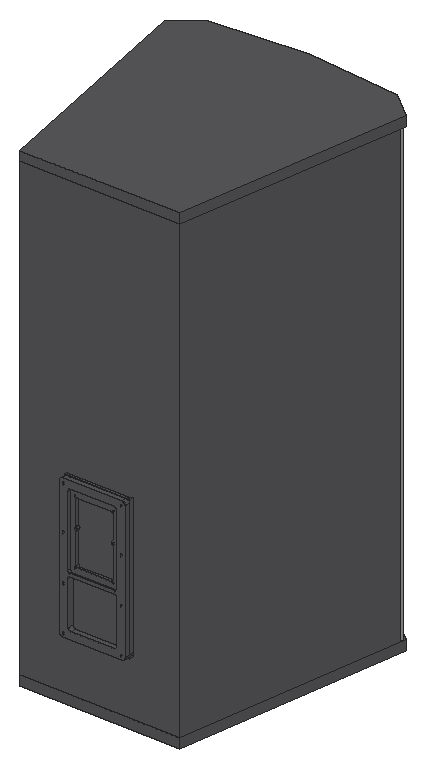
Revit family "EVC-1082-96", category Communication Devices, Revit 2017
Family settings
  Maintain Annotation Orientation = Yes
  Round Connector Dimension = Use Diameter
  Part Type = Normal
  OmniClass Number = 23.85.10.11.11.21
  OmniClass Title = Speakers
  Work Plane-Based = Yes
  Always vertical = Yes
  Cut with Voids When Loaded = No
  Shared = No
  Room Calculation Point = No
Parameters (values of type "EVC108296B_8"_Speaker_90x60_Black")
  Uniclass2015Code = "Pr_60_75_08_02"
  URL = ""
  ProductInformation = "https://www.electrovoice.com/binary/EVC-1082-96_8__speaker_90x60_Datasheet_51_en_27960204811.pdf"
  PlanningTools = "https://www.electrovoice.com/product.php?id=2669"
  ModelNumber = "F.01U.329.268"
  Model = ""
  MaterialRALColour = "RAL9004"
  ManufacturerURL = "https://www.electrovoice.com"
  Manufacturer = "Electro Voice"
  LoudspeakerMaterial = 13-plyWeather-resistantBirchEVCoat -RAL9004
  Default Elevation = 0.00 mm
  Width = 247.80 mm  # constant formula
  InstallationManual = "https://www.electrovoice.com/binary/EVC-1082-96_8__speaker_90x60_Datasheet_51_en_27960204811.pdf"
  IfcExportType = "IfcBuildingElementProxyType"
  IfcExportAs = "IfcBuildingElementProxy"
  Length = 492.20 mm  # constant formula
  GrillMaterial = 16GA Powder-coatedGalvanneal - B
  Disclaimer = "http://resource.boschsecurity.com/information/BIM/Disclaimer_Electrovoice.pdf"
  Description = "8-inch, two-way loudspeaker, with 90˚ x 60˚ constant directivity, rotatable waveguide. Power rating: 200 W Continuous, (800 W Peak). Passive system: 91 dB, 120 dB maximum. Gland nut cover and stainless steel grille on PI versions. Optional high quality transformer and patented. Automatic Saturation Control (ASC) preserve low end in 70V/100V lines."
  Depth = 276.70 mm  # constant formula
  CTN = "EVC108296B"
  ArchitectsAndEngineersSpecs = "https://www.electrovoice.com/binary/EVC-1082-96_8__speaker_90x60_Datasheet_51_en_27960204811.pdf"
Reference planes
  plane 1 "Center (Front/Back)": y = 0
  plane 2: z = 0
  plane 3 "Center (Left/Right)": x = 0
Forms (mm)
  Extrusion 1, solid, material "13-plyWeather-resistantBirchEVCoat -RAL9004" <- "LoudspeakerMaterial"
    sketch origin (0, 8.998, 0) x (1, 0, 0) y (0, 1, 0)
      loop
        line (-123.9, 237.7) -> (-81.987, 0) -> (81.987, 0) -> (123.9, 237.7) -> (97.088, 260.198)
        arc (97.088, 260.198) -> (0, 267.7) -> (-97.088, 260.198) r 631.958
        line (-97.088, 260.198) -> (-123.9, 237.7)
    from 0 to 10
  Extrusion 2, solid, material "13-plyWeather-resistantBirchEVCoat -RAL9004" <- "LoudspeakerMaterial"
    sketch origin (0, 8.998, 0) x (1, 0, 0) y (0, 1, 0)
      loop
        line (-81.987, 0) -> (81.987, 0) -> (122.794, 231.43) -> (117.717, 231.43) -> (77.792, 5) -> (-77.792, 5) -> (-117.717, 231.43) -> (-122.794, 231.43) -> (-81.987, 0)
    from 10 to 482.2
  Extrusion 3, solid, material "13-plyWeather-resistantBirchEVCoat -RAL9004" <- "LoudspeakerMaterial"
    sketch origin (0, 8.998, 482.2) x (0, -1, 0) y (1, 0, 0)
      loop
        line (-237.7, -123.9) -> (0, -81.987) -> (0, 81.987) -> (-237.7, 123.9) -> (-260.198, 97.088)
        arc (-260.198, 97.088) -> (-267.7, 0) -> (-260.198, -97.088) r 631.958
        line (-260.198, -97.088) -> (-237.7, -123.9)
    from 0 to 10
  Extrusion 4, solid, material "16GA Powder-coatedGalvanneal - B" <- "GrillMaterial"
    sketch origin (0, 8.998, 0) x (1, 0, 0) y (0, 1, 0)
      loop
        line (-120.256, 231.43) -> (-117.717, 231.43) -> (-118.475, 235.725) -> (-94.945, 255.469)
        arc (-94.945, 255.469) -> (0, 262.7) -> (94.945, 255.469) r 626.958
        line (94.945, 255.469) -> (118.475, 235.725) -> (117.717, 231.43) -> (120.256, 231.43) -> (121.187, 236.713) -> (96.016, 257.834)
        arc (96.016, 257.834) -> (0, 265.2) -> (-96.016, 257.834) r 629.458
        line (-96.016, 257.834) -> (-121.187, 236.713) -> (-120.256, 231.43)
    from 5 to 487.2
Dimensions and locks
  "Depth": nested 2 to Extrusion 3
  "Width": Extrusion 3 to Extrusion 3
  "Length": Extrusion 1 to Extrusion 3
  equal spacing: Extrusion 3, plane 3 "Center (Left/Right)", Extrusion 3, locked at 123.9 each
  aligned and locked: plane 2 to level
Automatic sketch dimensions
  Extrusion 1 sketch curve to plane 3 "Center (Left/Right)" = 0.00 mm
  Extrusion 1 sketch curve to plane 1 "Center (Front/Back)" = 8.998 mm
  Extrusion 1 sketch curve to plane 3 "Center (Left/Right)" = 81.987 mm
  Extrusion 1 sketch curve to plane 3 "Center (Left/Right)" = 97.088 mm
  Extrusion 1 sketch curve to Extrusion 1 sketch curve = 26.812 mm  (x2)
  plane 3 "Center (Left/Right)" to Extrusion 1 sketch curve = 81.987 mm
  plane 3 "Center (Left/Right)" to Extrusion 1 sketch curve = 97.088 mm
  plane 1 "Center (Front/Back)" to Extrusion 1 sketch curve = 355.261 mm
  Extrusion 1 sketch curve to Extrusion 1 sketch curve = 237.70 mm  (x2)
  Extrusion 1 sketch curve to Extrusion 1 sketch curve = 22.498 mm
  Extrusion 2 sketch curve to plane 3 "Center (Left/Right)" = 122.794 mm
  Extrusion 2 sketch curve to Extrusion 2 sketch curve = 5.077 mm  (x2)
  Extrusion 2 sketch curve to plane 1 "Center (Front/Back)" = 8.998 mm
  Extrusion 2 sketch curve to plane 3 "Center (Left/Right)" = 81.987 mm
  Extrusion 2 sketch curve to plane 1 "Center (Front/Back)" = 13.998 mm
  Extrusion 2 sketch curve to Extrusion 2 sketch curve = 4.195 mm  (x2)
  plane 3 "Center (Left/Right)" to Extrusion 2 sketch curve = 77.792 mm
  plane 3 "Center (Left/Right)" to Extrusion 2 sketch curve = 117.717 mm
  Extrusion 2 sketch curve to Extrusion 2 sketch curve = 226.43 mm  (x2)
  Extrusion 3 sketch curve to plane 3 "Center (Left/Right)" = 0.00 mm
  Extrusion 3 sketch curve to plane 1 "Center (Front/Back)" = 269.195 mm
  plane 3 "Center (Left/Right)" to Extrusion 3 sketch curve = 97.088 mm
  Extrusion 3 sketch curve to Extrusion 3 sketch curve = 0.00 mm
  Extrusion 3 sketch curve to Extrusion 3 sketch curve = 22.498 mm  (x2)
  Extrusion 3 sketch curve to plane 1 "Center (Front/Back)" = 8.998 mm
  plane 1 "Center (Front/Back)" to Extrusion 3 sketch curve = 355.261 mm
  Extrusion 3 sketch curve to Extrusion 3 sketch curve = 26.812 mm  (x2)
  Extrusion 3 sketch curve to plane 3 "Center (Left/Right)" = 81.987 mm
  plane 3 "Center (Left/Right)" to Extrusion 3 sketch curve = 81.987 mm
  Extrusion 4 sketch curve to Extrusion 4 sketch curve = 0.00 mm  (x3)
  Extrusion 4 sketch curve to plane 3 "Center (Left/Right)" = 0.00 mm
  Extrusion 4 sketch curve to plane 3 "Center (Left/Right)" = 94.945 mm
  Extrusion 4 sketch curve to Extrusion 4 sketch curve = 1.071 mm  (x2)
  Extrusion 4 sketch curve to Extrusion 4 sketch curve = 22.772 mm  (x2)
  Extrusion 4 sketch curve to Extrusion 4 sketch curve = 0.757 mm  (x2)
  Extrusion 4 sketch curve to Extrusion 4 sketch curve = 2.539 mm  (x2)
  Extrusion 4 sketch curve to Extrusion 4 sketch curve = 2.713 mm  (x2)
  plane 3 "Center (Left/Right)" to Extrusion 4 sketch curve = 94.945 mm
  plane 1 "Center (Front/Back)" to Extrusion 4 sketch curve = 355.261 mm
  Extrusion 4 sketch curve to plane 1 "Center (Front/Back)" = 240.427 mm
  Extrusion 4 sketch curve to Extrusion 4 sketch curve = 4.296 mm  (x2)
  Extrusion 4 sketch curve to Extrusion 4 sketch curve = 0.987 mm  (x2)
  Extrusion 4 sketch curve to Extrusion 4 sketch curve = 19.744 mm
  Extrusion 4 sketch curve to Extrusion 4 sketch curve = 2.365 mm
Nested families
  nested 1: "L-EV" at (0, 274.197, 95) x (-1, 0, 0) z (0, 0, 1), type "L-EV"
  nested 2: "InputPanel_small" at (-33.614, 9.998, 140) x (0, 0, -1) z (1, 0, 0), LoudspeakerMaterial <- "LoudspeakerMaterial", type "InputPanel_small"
    with LoudspeakerMaterial 13-plyWeather-resistantBirchEVCoat -RAL9004
  nested 3: "2D_CabinetLoudspeaker" at (0, 0, 0) x (-1, 0, 0) z (0, 0, 1), type "LoudSpeaker"
    with Pan2D 0.00°
Connectors
  electrical at (-0.023, 4.998, 167.216)
    settings: on nested 2, index 1, voltage 0 V, apparent load 0 VA, apparent load phase1 0 VA, apparent load phase2 0 VA, apparent load phase3 0 VA, power factor 1, load classification "Other", number of poles 1, system type 31, power factor state 1, is connector primary yes, connector utility no, sub classification motor no, connector description ""
Definition of nested family "L-EV"
  Parameters (values of type "L-EV")
    Material = ""
    Default Elevation = 1219.20 mm
  Reference planes
    plane 1 "Center (Front/Back)": y = 0
    plane 2: z = 0
    plane 3 "Center (Left/Right)": x = 0
  Forms (mm)
    Extrusion 1, solid, not visible
      sketch origin (18.736, -0.5, -73.012) x (1, 0, 0) y (0, 0, 1)
        loop
          arc (-38.866, 94.012) -> (-39.481, 93.758) -> (-39.736, 93.143) r 0.869
          line (-39.736, 93.143) -> (-39.736, 52.882)
          arc (-39.736, 52.882) -> (-39.481, 52.267) -> (-38.866, 52.012) r 0.869
          line (-38.866, 52.012) -> (1.395, 52.012)
          arc (1.395, 52.012) -> (2.01, 52.267) -> (2.264, 52.882) r 0.869
          line (2.264, 52.882) -> (2.264, 93.143)
          arc (2.264, 93.143) -> (2.01, 93.758) -> (1.395, 94.012) r 0.869
          line (1.395, 94.012) -> (-38.866, 94.012)
      from 0 to -0.5
    Extrusion 2, solid, detail levels fine
      sketch origin (18.736, 4, -73.24) x (1, 0, 0) y (0, 0, 1)
        loop
          line (-37.736, 92.24) -> (-37.736, 54.24) -> (0.264, 54.24) -> (0.264, 92.24) -> (-37.736, 92.24)
        loop
          line (-33.659, 85.319) -> (-33.659, 66.596) -> (-21.783, 66.596) -> (-21.783, 70.665) -> (-29.2, 70.665) -> (-29.2, 73.924) -> (-21.783, 73.924) -> (-21.783, 77.992) -> (-29.2, 77.992) -> (-29.2, 81.251) -> (-21.783, 81.251) -> (-21.783, 85.319) -> (-33.659, 85.319)
        loop
          line (-20.026, 77.992) -> (-20.026, 73.924) -> (-17.153, 73.924) -> (-17.153, 59.688) -> (-12.74, 59.688) -> (-2.619, 82.277) -> (-7.421, 82.277) -> (-12.694, 70.408) -> (-12.694, 77.992) -> (-20.026, 77.992)
      from 4.5 to 5
    Extrusion 3, solid, detail levels medium+fine
      sketch origin (0, 0, 0) x (1, 0, 0) y (0, 0, 1)
        loop
          line (19.816, 21) -> (-19.816, 21)
          arc (-19.816, 21) -> (-20.653, 20.653) -> (-21, 19.816) r 1.184
          line (-21, 19.816) -> (-21, -19.816)
          arc (-21, -19.816) -> (-20.653, -20.653) -> (-19.816, -21) r 1.184
          line (-19.816, -21) -> (19.816, -21)
          arc (19.816, -21) -> (20.653, -20.653) -> (21, -19.816) r 1.184
          line (21, -19.816) -> (21, 19.816)
          arc (21, 19.816) -> (20.653, 20.653) -> (19.816, 21) r 1.184
      from -1 to 0.5
Definition of nested family "InputPanel_small"
  Parameters (values of type "InputPanel_small")
    Material = ""
    LoudspeakerMaterial [instance] = none
    Default Elevation = 1219.20 mm
  Reference planes
    plane 1 "Center (Front/Back)": y = 0
    plane 2: z = 0
    plane 3 "Center (Left/Right)": x = 0
  Forms (mm)
    Extrusion 1, solid, material <- "LoudspeakerMaterial", not visible
      sketch origin (-97.521, -0.5, 198.121) x (-1, 0, 0) y (0, 0, -1)
        loop
          arc (-169.642, 198.043) -> (-170.257, 197.789) -> (-170.511, 197.174) r 0.869
          line (-170.511, 197.174) -> (-170.511, 131.84)
          arc (-170.511, 131.84) -> (-170.257, 131.226) -> (-169.642, 130.971) r 0.869
          line (-169.642, 130.971) -> (-25.396, 130.971)
          arc (-25.396, 130.971) -> (-24.782, 131.226) -> (-24.527, 131.84) r 0.869
          line (-24.527, 131.84) -> (-24.527, 197.174)
          arc (-24.527, 197.174) -> (-24.782, 197.789) -> (-25.396, 198.043) r 0.869
          line (-25.396, 198.043) -> (-169.642, 198.043)
      from 0 to -0.5
    Extrusion 2, solid, material <- "LoudspeakerMaterial", detail levels medium+fine
      sketch origin (1.214, 0, 125.108) x (-1, 0, 0) y (0, 0, -1)
        loop
          line (70.917, 125.031) -> (-68.488, 125.031)
          arc (-68.488, 125.031) -> (-70.813, 124.068) -> (-71.776, 121.743) r 3.288
          line (-71.776, 121.743) -> (-71.776, 61.229)
          arc (-71.776, 61.229) -> (-70.921, 59.026) -> (-68.815, 57.959) r 3.288
          line (-68.815, 57.959) -> (70.925, 57.959)
          arc (70.925, 57.959) -> (73.25, 58.922) -> (74.212, 61.247) r 3.288
          line (74.212, 61.247) -> (74.205, 121.743)
          arc (74.205, 121.743) -> (73.242, 124.068) -> (70.917, 125.031) r 3.288
        loop
          line (-16.102, 116.673) -> (-61.46, 116.673)
          arc (-61.46, 116.673) -> (-63.304, 115.909) -> (-64.067, 114.066) r 2.607
          line (-64.067, 114.066) -> (-64.067, 69.267)
          arc (-64.067, 69.267) -> (-63.304, 67.424) -> (-61.46, 66.66) r 2.607
          line (-61.46, 66.66) -> (-16.102, 66.658)
          arc (-16.102, 66.658) -> (-14.259, 67.424) -> (-13.495, 69.267) r 2.607
          line (-13.495, 69.267) -> (-13.495, 114.066)
          arc (-13.495, 114.066) -> (-14.259, 115.909) -> (-16.102, 116.673) r 2.607
        loop
          line (64.151, 116.673) -> (-8.801, 116.673)
          arc (-8.801, 116.673) -> (-10.645, 115.909) -> (-11.408, 114.066) r 2.607
          line (-11.408, 114.066) -> (-11.408, 69.267)
          arc (-11.408, 69.267) -> (-10.645, 67.424) -> (-8.801, 66.66) r 2.607
          line (-8.801, 66.66) -> (64.151, 66.658)
          arc (64.151, 66.658) -> (65.994, 67.424) -> (66.758, 69.267) r 2.607
          line (66.758, 69.267) -> (66.758, 114.066)
          arc (66.758, 114.066) -> (65.994, 115.909) -> (64.151, 116.673) r 2.607
        loop
          circle (-67.83, 121.068) r 1.368
        loop
          circle (-21.853, 121.068) r 1.368
        loop
          circle (24.255, 121.068) r 1.368
        loop
          circle (69.993, 121.068) r 1.368
        loop
          circle (-67.961, 61.771) r 1.368
        loop
          circle (-21.984, 61.771) r 1.368
        loop
          circle (24.124, 61.771) r 1.368
        loop
          circle (69.862, 61.771) r 1.368
      from 0 to 10
    Extrusion 3, solid, material <- "LoudspeakerMaterial", detail levels fine
      sketch origin (25.655, 0, 118.331) x (-1, 0, 0) y (0, 0, -1)
        loop
          arc (15.45, 109.952) -> (13.605, 109.187) -> (12.84, 107.342) r 2.61
          line (12.84, 107.342) -> (12.84, 62.493)
          arc (12.84, 62.493) -> (13.606, 60.646) -> (15.45, 59.881) r 2.61
          line (15.45, 59.881) -> (88.485, 59.883)
          arc (88.485, 59.883) -> (90.33, 60.647) -> (91.094, 62.493) r 2.61
          line (91.094, 62.493) -> (91.094, 107.342)
          arc (91.094, 107.342) -> (90.33, 109.187) -> (88.485, 109.952) r 2.61
          line (88.485, 109.952) -> (15.45, 109.952)
        loop
          line (53.049, 104.094) -> (20.673, 104.09)
          arc (20.673, 104.09) -> (20.25, 103.216) -> (19.475, 102.633) r 2.061
          line (19.475, 102.633) -> (19.479, 66.839)
          arc (19.479, 66.839) -> (20.255, 66.255) -> (20.677, 65.382) r 2.061
          line (20.677, 65.382) -> (53.053, 65.386)
          arc (53.053, 65.386) -> (55.067, 67.012) -> (57.082, 65.386) r 2.061
          line (57.082, 65.386) -> (82.875, 65.389)
          arc (82.875, 65.389) -> (83.297, 66.263) -> (84.073, 66.847) r 2.061
          line (84.073, 66.847) -> (84.068, 102.641)
          arc (84.068, 102.641) -> (83.293, 103.224) -> (82.87, 104.098) r 2.061
          line (82.87, 104.098) -> (57.077, 104.095)
          arc (57.077, 104.095) -> (55.063, 102.469) -> (53.049, 104.094) r 2.061
        loop
          circle (55.063, 104.529) r 0.832
        loop
          circle (55.063, 64.893) r 0.832
        loop
          circle (84.767, 104.529) r 0.832
        loop
          circle (84.767, 64.893) r 0.832
        loop
          circle (18.835, 104.529) r 0.832
        loop
          circle (18.835, 64.893) r 0.832
      from 7.5 to 5
    Extrusion 4, solid, material <- "LoudspeakerMaterial"
      sketch origin (1.214, 0, 125.108) x (-1, 0, 0) y (0, 0, -1)
        loop
          line (-71.776, 125.031) -> (-71.776, 57.959) -> (74.213, 57.959) -> (74.205, 125.031) -> (-71.776, 125.031)
      from 0 to 4.337
  Lines and regions (mm)
    model lines, not visible
      curve 1: arc (59.415, -9.5, 70.232) -> (59.756, -9.5, 68.636) -> (60.858, -9.5, 67.432) r 3.109
      curve 2: arc (59.414, -9.5, 82.845) -> (59.754, -9.5, 81.249) -> (60.857, -9.5, 80.045) r 3.109
      curve 3: arc (59.417, -9.5, 63.926) -> (59.752, -9.5, 62.34) -> (60.84, -9.5, 61.139) r 3.108
      curve 4: arc (59.415, -9.5, 76.539) -> (59.75, -9.5, 74.953) -> (60.838, -9.5, 73.752) r 3.108
      curve 5: arc (60.711, -9.5, 72.945) -> (59.72, -9.5, 71.753) -> (59.414, -9.5, 70.232) r 3.166
      curve 6: arc (60.71, -9.5, 85.557) -> (59.718, -9.5, 84.365) -> (59.412, -9.5, 82.845) r 3.166
      curve 7: arc (60.712, -9.5, 66.637) -> (59.721, -9.5, 65.445) -> (59.415, -9.5, 63.926) r 3.165
      curve 8: arc (60.71, -9.5, 79.25) -> (59.72, -9.5, 78.058) -> (59.414, -9.5, 76.539) r 3.165
      curve 9: arc (59.062, -9.5, 76.539) -> (58.721, -9.5, 78.135) -> (57.618, -9.5, 79.339) r 3.109
      curve 10: arc (59.063, -9.5, 63.926) -> (58.723, -9.5, 65.522) -> (57.62, -9.5, 66.726) r 3.109
      curve 11: arc (59.06, -9.5, 82.845) -> (58.725, -9.5, 84.431) -> (57.637, -9.5, 85.632) r 3.108
      curve 12: arc (59.062, -9.5, 70.232) -> (58.726, -9.5, 71.818) -> (57.638, -9.5, 73.019) r 3.108
      curve 13: arc (57.765, -9.5, 73.826) -> (58.757, -9.5, 75.018) -> (59.063, -9.5, 76.539) r 3.166
      curve 14: arc (57.767, -9.5, 61.214) -> (58.758, -9.5, 62.406) -> (59.065, -9.5, 63.926) r 3.166
      curve 15: arc (57.765, -9.5, 80.134) -> (58.756, -9.5, 81.326) -> (59.062, -9.5, 82.845) r 3.165
      curve 16: arc (57.767, -9.5, 67.521) -> (58.757, -9.5, 68.713) -> (59.063, -9.5, 70.232) r 3.165
      curve 17: arc (62.678, -9.5, 67.687) -> (63.752, -9.5, 68.757) -> (64.103, -9.5, 70.233) r 2.775
      curve 18: arc (63.369, -9.5, 67.367) -> (64.444, -9.5, 68.62) -> (64.794, -9.5, 70.233) r 3.371
      curve 19: arc (62.678, -9.5, 67.687) -> (62.999, -9.5, 67.474) -> (63.369, -9.5, 67.367) r 1.273
      curve 20: arc (62.676, -9.5, 80.299) -> (63.75, -9.5, 81.37) -> (64.101, -9.5, 82.846) r 2.775
      curve 21: arc (63.368, -9.5, 79.98) -> (64.442, -9.5, 81.233) -> (64.793, -9.5, 82.846) r 3.371
      curve 22: arc (62.676, -9.5, 80.299) -> (62.998, -9.5, 80.087) -> (63.368, -9.5, 79.98) r 1.273
      curve 23: arc (62.679, -9.5, 61.381) -> (63.752, -9.5, 62.452) -> (64.103, -9.5, 63.927) r 2.774
      curve 24: arc (63.37, -9.5, 61.062) -> (64.444, -9.5, 62.315) -> (64.794, -9.5, 63.927) r 3.37
      curve 25: arc (62.679, -9.5, 61.381) -> (63, -9.5, 61.169) -> (63.37, -9.5, 61.062) r 1.273
      curve 26: arc (62.677, -9.5, 73.994) -> (63.751, -9.5, 75.064) -> (64.101, -9.5, 76.539) r 2.774
      curve 27: arc (63.369, -9.5, 73.675) -> (64.442, -9.5, 74.927) -> (64.793, -9.5, 76.539) r 3.37
      curve 28: arc (62.677, -9.5, 73.994) -> (62.998, -9.5, 73.781) -> (63.369, -9.5, 73.675) r 1.273
      curve 29: arc (64.103, -9.5, 70.233) -> (63.752, -9.5, 71.708) -> (62.677, -9.5, 72.779) r 2.775
      curve 30: arc (63.369, -9.5, 73.098) -> (62.999, -9.5, 72.992) -> (62.677, -9.5, 72.779) r 1.273
      curve 31: arc (64.794, -9.5, 70.233) -> (64.443, -9.5, 71.846) -> (63.369, -9.5, 73.098) r 3.371
      curve 32: arc (64.101, -9.5, 82.846) -> (63.75, -9.5, 84.321) -> (62.676, -9.5, 85.392) r 2.775
      curve 33: arc (63.367, -9.5, 85.711) -> (62.997, -9.5, 85.604) -> (62.676, -9.5, 85.392) r 1.273
      curve 34: arc (64.793, -9.5, 82.846) -> (64.442, -9.5, 84.458) -> (63.367, -9.5, 85.711) r 3.371
      curve 35: arc (64.103, -9.5, 63.927) -> (63.752, -9.5, 65.401) -> (62.678, -9.5, 66.472) r 2.774
      curve 36: arc (63.37, -9.5, 66.791) -> (62.999, -9.5, 66.684) -> (62.678, -9.5, 66.472) r 1.273
      curve 37: arc (64.794, -9.5, 63.927) -> (64.444, -9.5, 65.539) -> (63.37, -9.5, 66.791) r 3.37
      curve 38: arc (64.101, -9.5, 76.539) -> (63.75, -9.5, 78.014) -> (62.676, -9.5, 79.084) r 2.774
      curve 39: arc (63.368, -9.5, 79.404) -> (62.998, -9.5, 79.297) -> (62.676, -9.5, 79.084) r 1.273
      curve 40: arc (64.793, -9.5, 76.539) -> (64.442, -9.5, 78.151) -> (63.368, -9.5, 79.404) r 3.37
      curve 41: arc (59.627, -9.5, 63.926) -> (59.978, -9.5, 62.451) -> (61.052, -9.5, 61.381) r 2.774
      curve 42: arc (61.051, -9.5, 66.471) -> (59.977, -9.5, 65.401) -> (59.627, -9.5, 63.926) r 2.774
      curve 43: arc (59.625, -9.5, 70.232) -> (59.976, -9.5, 68.757) -> (61.051, -9.5, 67.686) r 2.775
      curve 44: arc (61.05, -9.5, 72.779) -> (59.976, -9.5, 71.708) -> (59.625, -9.5, 70.232) r 2.775
      curve 45: arc (59.625, -9.5, 76.539) -> (59.976, -9.5, 75.064) -> (61.05, -9.5, 73.994) r 2.774
      curve 46: arc (61.049, -9.5, 79.084) -> (59.976, -9.5, 78.014) -> (59.625, -9.5, 76.539) r 2.774
      curve 47: arc (59.624, -9.5, 82.845) -> (59.975, -9.5, 81.37) -> (61.049, -9.5, 80.299) r 2.775
      curve 48: arc (61.049, -9.5, 85.391) -> (59.975, -9.5, 84.321) -> (59.624, -9.5, 82.845) r 2.775
      curve 49: arc (65.487, -9.5, 67.368) -> (66.537, -9.5, 68.57) -> (66.91, -9.5, 70.123) r 3.348
      curve 50: arc (65.485, -9.5, 79.98) -> (66.535, -9.5, 81.183) -> (66.909, -9.5, 82.735) r 3.348
      curve 51: arc (66.91, -9.5, 70.344) -> (66.536, -9.5, 71.896) -> (65.486, -9.5, 73.099) r 3.348
      curve 52: arc (66.909, -9.5, 82.956) -> (66.535, -9.5, 84.509) -> (65.485, -9.5, 85.711) r 3.348
      curve 53: arc (65.488, -9.5, 61.062) -> (66.543, -9.5, 62.278) -> (66.911, -9.5, 63.846) r 3.353
      curve 54: arc (65.486, -9.5, 73.675) -> (66.542, -9.5, 74.891) -> (66.909, -9.5, 76.458) r 3.353
      curve 55: arc (66.911, -9.5, 64.008) -> (66.543, -9.5, 65.576) -> (65.487, -9.5, 66.791) r 3.353
      curve 56: arc (66.909, -9.5, 76.621) -> (66.542, -9.5, 78.189) -> (65.485, -9.5, 79.404) r 3.353
      curve 57: arc (61.368, -9.5, 70.233) -> (61.701, -9.5, 68.86) -> (62.728, -9.5, 67.892) r 2.482
      curve 58: arc (61.369, -9.5, 63.926) -> (61.702, -9.5, 62.554) -> (62.729, -9.5, 61.585) r 2.482
      curve 59: arc (61.777, -9.5, 65.419) -> (61.47, -9.5, 64.701) -> (61.369, -9.5, 63.926) r 2.857
      curve 60: arc (62.453, -9.5, 65.577) -> (62.398, -9.5, 65.499) -> (62.347, -9.5, 65.419) r 2.446
      curve 61: arc (61.777, -9.5, 71.725) -> (61.469, -9.5, 71.007) -> (61.368, -9.5, 70.233) r 2.857
      curve 62: arc (62.452, -9.5, 71.883) -> (62.398, -9.5, 71.805) -> (62.346, -9.5, 71.725) r 2.446
      curve 63: arc (61.367, -9.5, 76.539) -> (61.7, -9.5, 75.167) -> (62.727, -9.5, 74.198) r 2.482
      curve 64: arc (61.367, -9.5, 82.845) -> (61.699, -9.5, 81.473) -> (62.727, -9.5, 80.504) r 2.482
      curve 65: arc (61.776, -9.5, 78.031) -> (61.469, -9.5, 77.313) -> (61.367, -9.5, 76.539) r 2.857
      curve 66: arc (62.452, -9.5, 78.19) -> (62.397, -9.5, 78.112) -> (62.345, -9.5, 78.032) r 2.446
      curve 67: arc (61.775, -9.5, 84.338) -> (61.468, -9.5, 83.62) -> (61.367, -9.5, 82.845) r 2.857
      curve 68: arc (62.451, -9.5, 84.496) -> (62.396, -9.5, 84.418) -> (62.345, -9.5, 84.338) r 2.446
      curve 69: arc (55.799, -9.5, 79.084) -> (54.725, -9.5, 78.014) -> (54.374, -9.5, 76.538) r 2.775
      curve 70: arc (55.107, -9.5, 79.404) -> (54.033, -9.5, 78.151) -> (53.682, -9.5, 76.538) r 3.371
      curve 71: arc (55.799, -9.5, 79.084) -> (55.478, -9.5, 79.297) -> (55.107, -9.5, 79.404) r 1.273
      curve 72: arc (55.8, -9.5, 66.472) -> (54.726, -9.5, 65.401) -> (54.376, -9.5, 63.925) r 2.775
      curve 73: arc (55.109, -9.5, 66.791) -> (54.035, -9.5, 65.538) -> (53.684, -9.5, 63.925) r 3.371
      curve 74: arc (55.8, -9.5, 66.472) -> (55.479, -9.5, 66.684) -> (55.109, -9.5, 66.791) r 1.273
      curve 75: arc (55.798, -9.5, 85.39) -> (54.725, -9.5, 84.319) -> (54.374, -9.5, 82.844) r 2.774
      curve 76: arc (55.107, -9.5, 85.709) -> (54.033, -9.5, 84.456) -> (53.682, -9.5, 82.844) r 3.37
      curve 77: arc (55.798, -9.5, 85.39) -> (55.477, -9.5, 85.602) -> (55.107, -9.5, 85.709) r 1.273
      curve 78: arc (55.8, -9.5, 72.777) -> (54.726, -9.5, 71.707) -> (54.376, -9.5, 70.232) r 2.774
      curve 79: arc (55.108, -9.5, 73.096) -> (54.034, -9.5, 71.844) -> (53.684, -9.5, 70.232) r 3.37
      curve 80: arc (55.8, -9.5, 72.777) -> (55.478, -9.5, 72.99) -> (55.108, -9.5, 73.096) r 1.273
      curve 81: arc (54.374, -9.5, 76.538) -> (54.725, -9.5, 75.063) -> (55.8, -9.5, 73.992) r 2.775
      curve 82: arc (55.108, -9.5, 73.673) -> (55.478, -9.5, 73.779) -> (55.8, -9.5, 73.992) r 1.273
      curve 83: arc (53.682, -9.5, 76.538) -> (54.033, -9.5, 74.925) -> (55.108, -9.5, 73.673) r 3.371
      curve 84: arc (54.376, -9.5, 63.925) -> (54.727, -9.5, 62.45) -> (55.801, -9.5, 61.379) r 2.775
      curve 85: arc (55.11, -9.5, 61.06) -> (55.48, -9.5, 61.167) -> (55.801, -9.5, 61.379) r 1.273
      curve 86: arc (53.684, -9.5, 63.925) -> (54.035, -9.5, 62.313) -> (55.11, -9.5, 61.06) r 3.371
      curve 87: arc (54.374, -9.5, 82.844) -> (54.725, -9.5, 81.369) -> (55.799, -9.5, 80.299) r 2.774
      curve 88: arc (55.107, -9.5, 79.98) -> (55.477, -9.5, 80.087) -> (55.799, -9.5, 80.299) r 1.273
      curve 89: arc (53.682, -9.5, 82.844) -> (54.033, -9.5, 81.232) -> (55.107, -9.5, 79.98) r 3.37
      curve 90: arc (54.376, -9.5, 70.232) -> (54.726, -9.5, 68.757) -> (55.8, -9.5, 67.687) r 2.774
      curve 91: arc (55.109, -9.5, 67.367) -> (55.479, -9.5, 67.474) -> (55.8, -9.5, 67.687) r 1.273
      curve 92: arc (53.684, -9.5, 70.232) -> (54.035, -9.5, 68.62) -> (55.109, -9.5, 67.367) r 3.37
      curve 93: arc (58.85, -9.5, 82.845) -> (58.499, -9.5, 84.32) -> (57.425, -9.5, 85.39) r 2.774
      curve 94: arc (57.426, -9.5, 80.3) -> (58.499, -9.5, 81.37) -> (58.85, -9.5, 82.845) r 2.774
      curve 95: arc (58.851, -9.5, 76.539) -> (58.5, -9.5, 78.014) -> (57.426, -9.5, 79.085) r 2.775
      curve 96: arc (57.427, -9.5, 73.992) -> (58.501, -9.5, 75.063) -> (58.851, -9.5, 76.539) r 2.775
      curve 97: arc (58.852, -9.5, 70.232) -> (58.501, -9.5, 71.707) -> (57.427, -9.5, 72.777) r 2.774
      curve 98: arc (57.427, -9.5, 67.687) -> (58.501, -9.5, 68.757) -> (58.852, -9.5, 70.232) r 2.774
      curve 99: arc (58.853, -9.5, 63.926) -> (58.502, -9.5, 65.401) -> (57.428, -9.5, 66.472) r 2.775
      curve 100: arc (57.428, -9.5, 61.38) -> (58.502, -9.5, 62.45) -> (58.853, -9.5, 63.926) r 2.775
      curve 101: arc (52.99, -9.5, 79.403) -> (51.94, -9.5, 78.2) -> (51.567, -9.5, 76.648) r 3.348
      curve 102: arc (52.991, -9.5, 66.791) -> (51.942, -9.5, 65.588) -> (51.568, -9.5, 64.036) r 3.348
      curve 103: arc (51.567, -9.5, 76.427) -> (51.94, -9.5, 74.875) -> (52.991, -9.5, 73.672) r 3.348
      curve 104: arc (51.568, -9.5, 63.815) -> (51.942, -9.5, 62.262) -> (52.992, -9.5, 61.06) r 3.348
      curve 105: arc (52.989, -9.5, 85.709) -> (51.933, -9.5, 84.493) -> (51.566, -9.5, 82.925) r 3.353
      curve 106: arc (52.991, -9.5, 73.096) -> (51.935, -9.5, 71.88) -> (51.567, -9.5, 70.313) r 3.353
      curve 107: arc (51.566, -9.5, 82.763) -> (51.934, -9.5, 81.195) -> (52.99, -9.5, 79.98) r 3.353
      curve 108: arc (51.567, -9.5, 70.15) -> (51.935, -9.5, 68.582) -> (52.991, -9.5, 67.367) r 3.353
      curve 109: arc (57.108, -9.5, 82.845) -> (56.775, -9.5, 84.217) -> (55.748, -9.5, 85.186) r 2.482
      curve 110: arc (57.109, -9.5, 76.538) -> (56.776, -9.5, 77.911) -> (55.749, -9.5, 78.879) r 2.482
      curve 111: arc (56.7, -9.5, 75.046) -> (57.007, -9.5, 75.764) -> (57.109, -9.5, 76.538) r 2.857
      curve 112: arc (56.024, -9.5, 74.888) -> (56.079, -9.5, 74.966) -> (56.131, -9.5, 75.046) r 2.446
      curve 113: arc (56.699, -9.5, 81.352) -> (57.007, -9.5, 82.07) -> (57.108, -9.5, 82.845) r 2.857
      curve 114: arc (56.024, -9.5, 81.194) -> (56.078, -9.5, 81.272) -> (56.13, -9.5, 81.352) r 2.446
      curve 115: arc (57.109, -9.5, 70.232) -> (56.777, -9.5, 71.604) -> (55.749, -9.5, 72.573) r 2.482
      curve 116: arc (57.11, -9.5, 63.926) -> (56.777, -9.5, 65.298) -> (55.75, -9.5, 66.267) r 2.482
      curve 117: arc (56.702, -9.5, 62.433) -> (57.009, -9.5, 63.151) -> (57.11, -9.5, 63.926) r 2.857
      curve 118: arc (56.026, -9.5, 62.275) -> (56.081, -9.5, 62.353) -> (56.132, -9.5, 62.433) r 2.446
      curve 119: arc (56.701, -9.5, 68.739) -> (57.008, -9.5, 69.458) -> (57.109, -9.5, 70.232) r 2.857
      curve 120: arc (56.025, -9.5, 68.581) -> (56.08, -9.5, 68.659) -> (56.131, -9.5, 68.739) r 2.446
      curve 121: spline (77.962, -9.5, 59.963) -> (78.093, -9.5, 59.972) -> (78.223, -9.5, 59.998) -> (78.348, -9.5, 60.04) -> (78.466, -9.5, 60.099) -> (78.576, -9.5, 60.172) -> (78.675, -9.5, 60.259) -> (78.762, -9.5, 60.358) -> (78.835, -9.5, 60.468) -> (78.894, -9.5, 60.586) -> (78.936, -9.5, 60.711) -> (78.962, -9.5, 60.841) -> (78.97, -9.5, 60.972)
      curve 122: spline (78.967, -9.5, 85.803) -> (78.959, -9.5, 85.935) -> (78.933, -9.5, 86.065) -> (78.891, -9.5, 86.19) -> (78.832, -9.5, 86.308) -> (78.759, -9.5, 86.418) -> (78.672, -9.5, 86.517) -> (78.573, -9.5, 86.604) -> (78.463, -9.5, 86.677) -> (78.344, -9.5, 86.735) -> (78.22, -9.5, 86.778) -> (78.09, -9.5, 86.804) -> (77.958, -9.5, 86.812)
      curve 123: spline (40.515, -9.5, 86.808) -> (40.383, -9.5, 86.799) -> (40.254, -9.5, 86.773) -> (40.129, -9.5, 86.731) -> (40.01, -9.5, 86.672) -> (39.901, -9.5, 86.599) -> (39.801, -9.5, 86.512) -> (39.714, -9.5, 86.413) -> (39.641, -9.5, 86.303) -> (39.583, -9.5, 86.185) -> (39.54, -9.5, 86.06) -> (39.515, -9.5, 85.93) -> (39.506, -9.5, 85.799)
      curve 124: spline (39.509, -9.5, 60.97) -> (39.517, -9.5, 60.838) -> (39.543, -9.5, 60.708) -> (39.585, -9.5, 60.583) -> (39.643, -9.5, 60.464) -> (39.717, -9.5, 60.354) -> (39.804, -9.5, 60.255) -> (39.903, -9.5, 60.168) -> (40.013, -9.5, 60.094) -> (40.131, -9.5, 60.036) -> (40.256, -9.5, 59.993) -> (40.386, -9.5, 59.967) -> (40.518, -9.5, 59.959)
      curve 125: spline (40.57, -9.5, 86.753) -> (40.438, -9.5, 86.744) -> (40.309, -9.5, 86.718) -> (40.184, -9.5, 86.676) -> (40.065, -9.5, 86.617) -> (39.956, -9.5, 86.544) -> (39.856, -9.5, 86.457) -> (39.769, -9.5, 86.358) -> (39.696, -9.5, 86.248) -> (39.638, -9.5, 86.13) -> (39.595, -9.5, 86.005) -> (39.57, -9.5, 85.875) -> (39.561, -9.5, 85.744)
      curve 126: spline (39.564, -9.5, 61.023) -> (39.573, -9.5, 60.891) -> (39.598, -9.5, 60.761) -> (39.641, -9.5, 60.636) -> (39.699, -9.5, 60.518) -> (39.773, -9.5, 60.408) -> (39.86, -9.5, 60.309) -> (39.959, -9.5, 60.222) -> (40.069, -9.5, 60.149) -> (40.187, -9.5, 60.091) -> (40.312, -9.5, 60.048) -> (40.441, -9.5, 60.022) -> (40.573, -9.5, 60.014)
      curve 127: spline (78.912, -9.5, 85.748) -> (78.904, -9.5, 85.88) -> (78.878, -9.5, 86.01) -> (78.835, -9.5, 86.134) -> (78.777, -9.5, 86.253) -> (78.704, -9.5, 86.363) -> (78.617, -9.5, 86.462) -> (78.518, -9.5, 86.549) -> (78.408, -9.5, 86.622) -> (78.289, -9.5, 86.68) -> (78.164, -9.5, 86.723) -> (78.035, -9.5, 86.749) -> (77.903, -9.5, 86.757)
      curve 128: spline (77.907, -9.5, 60.018) -> (78.038, -9.5, 60.027) -> (78.168, -9.5, 60.053) -> (78.293, -9.5, 60.095) -> (78.411, -9.5, 60.154) -> (78.521, -9.5, 60.227) -> (78.62, -9.5, 60.314) -> (78.707, -9.5, 60.413) -> (78.78, -9.5, 60.523) -> (78.839, -9.5, 60.641) -> (78.881, -9.5, 60.766) -> (78.907, -9.5, 60.896) -> (78.915, -9.5, 61.027)
      curve 129: line (63.979, -9.5, 70.233) -> (63.818, -9.5, 71.221)
      curve 130: line (63.818, -9.5, 71.221) -> (63.359, -9.5, 72.059)
      curve 131: line (63.359, -9.5, 72.059) -> (62.673, -9.5, 72.618)
      curve 132: line (62.673, -9.5, 72.618) -> (61.864, -9.5, 72.815)
      curve 133: line (61.864, -9.5, 72.815) -> (61.054, -9.5, 72.618)
      curve 134: line (61.054, -9.5, 72.618) -> (60.368, -9.5, 72.058)
      curve 135: line (60.368, -9.5, 72.058) -> (59.91, -9.5, 71.221)
      curve 136: line (59.91, -9.5, 71.221) -> (59.749, -9.5, 70.232)
      curve 137: line (59.749, -9.5, 70.232) -> (59.91, -9.5, 69.244)
      curve 138: line (59.91, -9.5, 69.244) -> (60.369, -9.5, 68.407)
      curve 139: line (60.369, -9.5, 68.407) -> (61.055, -9.5, 67.847)
      curve 140: line (61.055, -9.5, 67.847) -> (61.864, -9.5, 67.651)
      curve 141: line (61.864, -9.5, 67.651) -> (62.674, -9.5, 67.847)
      curve 142: line (62.674, -9.5, 67.847) -> (63.36, -9.5, 68.407)
      curve 143: line (63.36, -9.5, 68.407) -> (63.815, -9.5, 69.238)
      curve 144: line (63.818, -9.5, 69.245) -> (64.103, -9.5, 70.233)
      curve 145: line (64.103, -9.5, 70.233) -> (64.794, -9.5, 70.233)
      curve 146: line (64.794, -9.5, 70.233) -> (66.912, -9.5, 70.233)
      curve 147: line (66.912, -9.5, 70.233) -> (66.911, -9.5, 64.008)
      curve 148: line (63.978, -9.5, 82.846) -> (63.817, -9.5, 83.834)
      curve 149: line (63.817, -9.5, 83.834) -> (63.358, -9.5, 84.671)
      curve 150: line (63.358, -9.5, 84.671) -> (62.672, -9.5, 85.231)
      curve 151: line (62.672, -9.5, 85.231) -> (61.862, -9.5, 85.427)
      curve 152: line (61.862, -9.5, 85.427) -> (61.053, -9.5, 85.231)
      curve 153: line (61.053, -9.5, 85.231) -> (60.367, -9.5, 84.671)
      curve 154: line (60.367, -9.5, 84.671) -> (59.908, -9.5, 83.833)
      curve 155: line (59.908, -9.5, 83.833) -> (59.747, -9.5, 82.845)
      curve 156: line (59.747, -9.5, 82.845) -> (59.908, -9.5, 81.857)
      curve 157: line (59.908, -9.5, 81.857) -> (60.367, -9.5, 81.019)
      curve 158: line (60.367, -9.5, 81.019) -> (61.053, -9.5, 80.46)
      curve 159: line (61.053, -9.5, 80.46) -> (61.863, -9.5, 80.263)
      curve 160: line (61.863, -9.5, 80.263) -> (62.672, -9.5, 80.46)
      curve 161: line (62.672, -9.5, 80.46) -> (63.358, -9.5, 81.02)
      curve 162: line (63.358, -9.5, 81.02) -> (63.813, -9.5, 81.851)
      curve 163: line (63.817, -9.5, 81.857) -> (64.101, -9.5, 82.846)
      curve 164: line (64.101, -9.5, 82.846) -> (64.793, -9.5, 82.846)
      curve 165: line (64.793, -9.5, 82.846) -> (66.91, -9.5, 82.846)
      curve 166: line (66.91, -9.5, 82.846) -> (66.909, -9.5, 76.621)
      curve 167: line (63.98, -9.5, 63.927) -> (63.819, -9.5, 64.915)
      curve 168: line (63.819, -9.5, 64.915) -> (63.36, -9.5, 65.752)
      curve 169: line (63.36, -9.5, 65.752) -> (62.674, -9.5, 66.312)
      curve 170: line (62.674, -9.5, 66.312) -> (61.864, -9.5, 66.508)
      curve 171: line (61.864, -9.5, 66.508) -> (61.055, -9.5, 66.312)
      curve 172: line (61.055, -9.5, 66.312) -> (60.369, -9.5, 65.752)
      curve 173: line (60.369, -9.5, 65.752) -> (59.911, -9.5, 64.914)
      curve 174: line (59.911, -9.5, 64.914) -> (59.75, -9.5, 63.926)
      curve 175: line (59.75, -9.5, 63.926) -> (59.911, -9.5, 62.938)
      curve 176: line (59.911, -9.5, 62.938) -> (60.369, -9.5, 62.1)
      curve 177: line (60.369, -9.5, 62.1) -> (61.056, -9.5, 61.541)
      curve 178: line (61.056, -9.5, 61.541) -> (61.865, -9.5, 61.344)
      curve 179: line (61.865, -9.5, 61.344) -> (62.675, -9.5, 61.541)
      curve 180: line (62.675, -9.5, 61.541) -> (63.361, -9.5, 62.101)
      curve 181: line (63.361, -9.5, 62.101) -> (63.815, -9.5, 62.932)
      curve 182: line (63.819, -9.5, 62.938) -> (64.103, -9.5, 63.927)
      curve 183: line (64.103, -9.5, 63.927) -> (64.794, -9.5, 63.927)
      curve 184: line (64.794, -9.5, 63.927) -> (66.912, -9.5, 63.927)
      curve 185: line (66.912, -9.5, 63.927) -> (66.911, -9.5, 60.774)
      curve 186: line (66.911, -9.5, 60.774) -> (65.488, -9.5, 60.774)
      curve 187: line (65.488, -9.5, 60.774) -> (68.6, -9.5, 60.646)
      curve 188: line (68.6, -9.5, 60.646) -> (68.722, -9.5, 60.469)
      curve 189: line (68.722, -9.5, 60.469) -> (65.589, -9.5, 60.469)
      curve 190: line (65.589, -9.5, 60.469) -> (65.467, -9.5, 60.646)
      curve 191: line (63.978, -9.5, 76.539) -> (63.817, -9.5, 77.527)
      curve 192: line (63.817, -9.5, 77.527) -> (63.359, -9.5, 78.365)
      curve 193: line (63.359, -9.5, 78.365) -> (62.672, -9.5, 78.925)
      curve 194: line (62.672, -9.5, 78.925) -> (61.863, -9.5, 79.121)
      curve 195: line (61.863, -9.5, 79.121) -> (61.054, -9.5, 78.924)
      curve 196: line (61.054, -9.5, 78.924) -> (60.367, -9.5, 78.365)
      curve 197: line (60.367, -9.5, 78.365) -> (59.909, -9.5, 77.527)
      curve 198: line (59.909, -9.5, 77.527) -> (59.748, -9.5, 76.539)
      curve 199: line (59.748, -9.5, 76.539) -> (59.909, -9.5, 75.551)
      curve 200: line (59.909, -9.5, 75.551) -> (60.368, -9.5, 74.713)
      curve 201: line (60.368, -9.5, 74.713) -> (61.054, -9.5, 74.153)
      curve 202: line (61.054, -9.5, 74.153) -> (61.864, -9.5, 73.957)
      curve 203: line (61.864, -9.5, 73.957) -> (62.673, -9.5, 74.153)
      curve 204: line (62.673, -9.5, 74.153) -> (63.359, -9.5, 74.713)
      curve 205: line (63.359, -9.5, 74.713) -> (63.814, -9.5, 75.544)
      curve 206: line (63.818, -9.5, 75.551) -> (64.101, -9.5, 76.539)
      curve 207: line (64.101, -9.5, 76.539) -> (64.793, -9.5, 76.539)
      curve 208: line (64.793, -9.5, 76.539) -> (66.91, -9.5, 76.54)
      curve 209: line (66.91, -9.5, 76.54) -> (66.91, -9.5, 70.344)
      curve 210: line (61.049, -9.5, 85.998) -> (60.837, -9.5, 85.998)
      curve 211: line (60.837, -9.5, 85.998) -> (60.837, -9.5, 85.655)
      curve 212: line (60.916, -9.5, 85.517) -> (61.049, -9.5, 85.391)
      curve 213: line (61.049, -9.5, 85.391) -> (61.049, -9.5, 85.998)
      curve 214: line (61.049, -9.5, 85.998) -> (62.676, -9.5, 85.999)
      curve 215: line (62.676, -9.5, 85.999) -> (62.676, -9.5, 85.392)
      curve 216: line (62.676, -9.5, 79.084) -> (62.676, -9.5, 80.299)
      curve 217: line (62.677, -9.5, 72.779) -> (62.677, -9.5, 73.994)
      curve 218: line (62.678, -9.5, 66.472) -> (62.678, -9.5, 67.687)
      curve 219: line (61.052, -9.5, 60.773) -> (60.84, -9.5, 60.773)
      curve 220: line (60.84, -9.5, 60.773) -> (60.84, -9.5, 61.139)
      curve 221: line (60.918, -9.5, 61.255) -> (61.052, -9.5, 61.381)
      curve 222: line (61.052, -9.5, 61.381) -> (61.052, -9.5, 60.773)
      curve 223: line (61.052, -9.5, 60.773) -> (62.679, -9.5, 60.773)
      curve 224: line (62.679, -9.5, 60.773) -> (62.679, -9.5, 61.381)
      curve 225: line (60.839, -9.5, 66.735) -> (60.842, -9.5, 67.413)
      curve 226: line (60.918, -9.5, 67.56) -> (61.051, -9.5, 67.686)
      curve 227: line (61.051, -9.5, 67.686) -> (61.051, -9.5, 66.471)
      curve 228: line (61.051, -9.5, 66.471) -> (60.918, -9.5, 66.598)
      curve 229: line (61.05, -9.5, 72.779) -> (61.05, -9.5, 73.994)
      curve 230: line (61.05, -9.5, 73.994) -> (60.917, -9.5, 73.867)
      curve 231: line (60.838, -9.5, 73.752) -> (60.838, -9.5, 73.043)
      curve 232: line (60.917, -9.5, 72.905) -> (61.05, -9.5, 72.779)
      curve 233: line (60.838, -9.5, 79.348) -> (60.841, -9.5, 80.026)
      curve 234: line (60.916, -9.5, 80.173) -> (61.049, -9.5, 80.299)
      curve 235: line (61.049, -9.5, 80.299) -> (61.049, -9.5, 79.084)
      curve 236: line (61.049, -9.5, 79.084) -> (60.916, -9.5, 79.21)
      curve 237: line (65.486, -9.5, 73.675) -> (63.369, -9.5, 73.675)
      curve 238: line (63.369, -9.5, 73.675) -> (63.369, -9.5, 73.098)
      curve 239: line (63.369, -9.5, 73.098) -> (65.486, -9.5, 73.099)
      curve 240: line (65.486, -9.5, 73.099) -> (65.486, -9.5, 73.675)
      curve 241: line (65.487, -9.5, 67.368) -> (65.487, -9.5, 66.791)
      curve 242: line (65.487, -9.5, 66.791) -> (63.37, -9.5, 66.791)
      curve 243: line (63.37, -9.5, 66.791) -> (63.369, -9.5, 67.367)
      curve 244: line (63.369, -9.5, 67.367) -> (65.487, -9.5, 67.368)
      curve 245: line (65.485, -9.5, 79.98) -> (65.485, -9.5, 79.404)
      curve 246: line (65.485, -9.5, 79.404) -> (63.368, -9.5, 79.404)
      curve 247: line (63.368, -9.5, 79.404) -> (63.368, -9.5, 79.98)
      curve 248: line (63.368, -9.5, 79.98) -> (65.485, -9.5, 79.98)
      curve 249: line (63.37, -9.5, 60.773) -> (65.488, -9.5, 60.774)
      curve 250: line (65.488, -9.5, 60.774) -> (65.488, -9.5, 61.062)
      curve 251: line (65.488, -9.5, 61.062) -> (63.37, -9.5, 61.062)
      curve 252: line (63.37, -9.5, 61.062) -> (63.37, -9.5, 60.773)
      curve 253: line (63.37, -9.5, 60.773) -> (62.679, -9.5, 60.773)
      curve 254: line (62.676, -9.5, 85.999) -> (63.367, -9.5, 85.999)
      curve 255: line (63.367, -9.5, 85.999) -> (63.367, -9.5, 85.711)
      curve 256: line (63.367, -9.5, 85.711) -> (65.485, -9.5, 85.711)
      curve 257: line (65.485, -9.5, 85.711) -> (65.485, -9.5, 85.999)
      curve 258: line (65.485, -9.5, 85.999) -> (63.367, -9.5, 85.999)
      curve 259: line (63.973, -9.5, 63.722) -> (62.18, -9.5, 65.91)
      curve 260: line (62.18, -9.5, 65.91) -> (62.671, -9.5, 66.243)
      curve 261: line (63.973, -9.5, 70.028) -> (62.179, -9.5, 72.217)
      curve 262: line (62.179, -9.5, 72.217) -> (62.67, -9.5, 72.549)
      curve 263: line (63.946, -9.5, 63.467) -> (62.347, -9.5, 65.419)
      curve 264: line (62.347, -9.5, 65.419) -> (61.777, -9.5, 65.419)
      curve 265: line (61.777, -9.5, 65.419) -> (63.815, -9.5, 62.932)
      curve 266: line (63.945, -9.5, 69.773) -> (62.346, -9.5, 71.725)
      curve 267: line (62.346, -9.5, 71.725) -> (61.777, -9.5, 71.725)
      curve 268: line (61.777, -9.5, 71.725) -> (63.815, -9.5, 69.238)
      curve 269: line (63.945, -9.5, 76.08) -> (62.345, -9.5, 78.032)
      curve 270: line (62.345, -9.5, 78.032) -> (61.776, -9.5, 78.031)
      curve 271: line (61.776, -9.5, 78.031) -> (63.814, -9.5, 75.544)
      curve 272: line (63.972, -9.5, 76.334) -> (62.178, -9.5, 78.523)
      curve 273: line (62.178, -9.5, 78.523) -> (62.669, -9.5, 78.856)
      curve 274: line (63.971, -9.5, 82.641) -> (62.178, -9.5, 84.829)
      curve 275: line (62.178, -9.5, 84.829) -> (62.669, -9.5, 85.162)
      curve 276: line (63.944, -9.5, 82.386) -> (62.345, -9.5, 84.338)
      curve 277: line (62.345, -9.5, 84.338) -> (61.775, -9.5, 84.338)
      curve 278: line (61.775, -9.5, 84.338) -> (63.813, -9.5, 81.851)
      curve 279: line (66.909, -9.5, 82.956) -> (66.908, -9.5, 85.999)
      curve 280: line (66.908, -9.5, 85.999) -> (72.332, -9.5, 86)
      curve 281: line (72.332, -9.5, 86) -> (72.335, -9.5, 60.774)
      curve 282: line (72.335, -9.5, 60.774) -> (66.911, -9.5, 60.774)
      curve 283: line (65.485, -9.5, 85.999) -> (66.908, -9.5, 85.999)
      curve 284: line (72.332, -9.5, 86) -> (72.658, -9.5, 86)
      curve 285: line (72.658, -9.5, 86) -> (72.661, -9.5, 60.775)
      curve 286: line (72.661, -9.5, 60.775) -> (72.335, -9.5, 60.774)
      curve 287: line (72.335, -9.5, 60.774) -> (72.464, -9.5, 60.647)
      curve 288: line (72.464, -9.5, 60.647) -> (72.586, -9.5, 60.47)
      curve 289: line (73.116, -9.5, 67.379) -> (73.115, -9.5, 72.891)
      curve 290: line (73.115, -9.5, 72.891) -> (77.33, -9.5, 72.891)
      curve 291: line (77.33, -9.5, 72.891) -> (77.331, -9.5, 67.379)
      curve 292: line (77.331, -9.5, 67.379) -> (73.116, -9.5, 67.379)
      curve 293: line (77.331, -9.5, 66.783) -> (77.332, -9.5, 61.272)
      curve 294: line (77.332, -9.5, 61.272) -> (73.116, -9.5, 61.271)
      curve 295: line (73.116, -9.5, 61.271) -> (73.116, -9.5, 66.783)
      curve 296: line (73.116, -9.5, 66.783) -> (77.331, -9.5, 66.783)
      curve 297: line (72.661, -9.5, 60.775) -> (77.787, -9.5, 60.775)
      curve 298: line (77.787, -9.5, 60.775) -> (77.784, -9.5, 86)
      curve 299: line (77.784, -9.5, 86) -> (72.658, -9.5, 86)
      curve 300: line (73.114, -9.5, 79.991) -> (73.113, -9.5, 85.503)
      curve 301: line (73.113, -9.5, 85.503) -> (77.329, -9.5, 85.504)
      curve 302: line (77.329, -9.5, 85.504) -> (77.329, -9.5, 79.992)
      curve 303: line (77.329, -9.5, 79.992) -> (73.114, -9.5, 79.991)
      curve 304: line (77.329, -9.5, 79.396) -> (77.33, -9.5, 73.884)
      curve 305: line (77.33, -9.5, 73.884) -> (73.115, -9.5, 73.884)
      curve 306: line (73.115, -9.5, 73.884) -> (73.114, -9.5, 79.396)
      curve 307: line (73.114, -9.5, 79.396) -> (77.329, -9.5, 79.396)
      curve 308: line (73.114, -9.5, 81.158) -> (74.522, -9.5, 81.159)
      curve 309: line (74.522, -9.5, 81.159) -> (74.848, -9.5, 80.47)
      curve 310: line (74.848, -9.5, 80.47) -> (75.233, -9.5, 79.992)
      curve 311: line (73.116, -9.5, 68.546) -> (74.524, -9.5, 68.546)
      curve 312: line (74.524, -9.5, 68.546) -> (74.849, -9.5, 67.858)
      curve 313: line (74.849, -9.5, 67.858) -> (75.235, -9.5, 67.379)
      curve 314: line (73.114, -9.5, 78.229) -> (74.523, -9.5, 78.229)
      curve 315: line (74.523, -9.5, 78.229) -> (74.848, -9.5, 78.917)
      curve 316: line (74.848, -9.5, 78.917) -> (75.233, -9.5, 79.396)
      curve 317: line (73.116, -9.5, 65.616) -> (74.524, -9.5, 65.616)
      curve 318: line (74.524, -9.5, 65.616) -> (74.85, -9.5, 66.304)
      curve 319: line (74.85, -9.5, 66.304) -> (75.235, -9.5, 66.783)
      curve 320: line (73.116, -9.5, 62.239) -> (74.525, -9.5, 62.24)
      curve 321: line (74.525, -9.5, 62.24) -> (74.85, -9.5, 61.552)
      curve 322: line (74.85, -9.5, 61.552) -> (75.076, -9.5, 61.271)
      curve 323: line (73.115, -9.5, 74.852) -> (74.523, -9.5, 74.852)
      curve 324: line (74.523, -9.5, 74.852) -> (74.849, -9.5, 74.164)
      curve 325: line (74.849, -9.5, 74.164) -> (75.074, -9.5, 73.884)
      curve 326: line (73.115, -9.5, 71.922) -> (74.524, -9.5, 71.923)
      curve 327: line (74.524, -9.5, 71.923) -> (74.849, -9.5, 72.611)
      curve 328: line (75.074, -9.5, 72.891) -> (74.849, -9.5, 72.611)
      curve 329: line (74.849, -9.5, 72.611) -> (74.849, -9.5, 67.858)
      curve 330: line (73.114, -9.5, 84.535) -> (74.522, -9.5, 84.535)
      curve 331: line (74.522, -9.5, 84.535) -> (74.847, -9.5, 85.223)
      curve 332: line (74.847, -9.5, 85.223) -> (74.848, -9.5, 80.47)
      curve 333: line (75.073, -9.5, 85.503) -> (74.847, -9.5, 85.223)
      curve 334: line (74.524, -9.5, 65.616) -> (74.525, -9.5, 62.24)
      curve 335: line (74.523, -9.5, 78.229) -> (74.523, -9.5, 74.852)
      curve 336: line (74.524, -9.5, 68.546) -> (74.524, -9.5, 71.923)
      curve 337: line (74.522, -9.5, 81.159) -> (74.522, -9.5, 84.535)
      curve 338: line (72.586, -9.5, 60.208) -> (75.719, -9.5, 60.209)
      curve 339: line (75.719, -9.5, 60.209) -> (75.719, -9.5, 60.47)
      curve 340: line (75.719, -9.5, 60.47) -> (72.586, -9.5, 60.47)
      curve 341: line (72.586, -9.5, 60.47) -> (72.586, -9.5, 60.208)
      curve 342: line (72.586, -9.5, 60.208) -> (72.005, -9.5, 60.208)
      curve 343: line (72.005, -9.5, 60.208) -> (72.005, -9.5, 60.47)
      curve 344: line (72.005, -9.5, 60.47) -> (72.127, -9.5, 60.774)
      curve 345: line (72.464, -9.5, 60.647) -> (75.597, -9.5, 60.647)
      curve 346: line (75.597, -9.5, 60.647) -> (75.719, -9.5, 60.47)
      curve 347: line (76.233, -9.5, 66.783) -> (76.233, -9.5, 61.272)
      curve 348: line (76.231, -9.5, 79.396) -> (76.232, -9.5, 73.884)
      curve 349: line (76.232, -9.5, 72.891) -> (76.233, -9.5, 67.379)
      curve 350: line (76.23, -9.5, 85.504) -> (76.231, -9.5, 79.992)
      curve 351: line (74.85, -9.5, 66.304) -> (74.85, -9.5, 61.552)
      curve 352: line (74.848, -9.5, 78.917) -> (74.849, -9.5, 74.164)
      curve 353: line (65.589, -9.5, 60.469) -> (65.589, -9.5, 60.208)
      curve 354: line (65.589, -9.5, 60.208) -> (65.009, -9.5, 60.207)
      curve 355: line (65.009, -9.5, 60.207) -> (65.009, -9.5, 60.469)
      curve 356: line (65.009, -9.5, 60.469) -> (65.131, -9.5, 60.646)
      curve 357: line (65.589, -9.5, 60.208) -> (68.722, -9.5, 60.208)
      curve 358: line (68.722, -9.5, 60.208) -> (68.722, -9.5, 60.469)
      curve 359: line (54.498, -9.5, 76.538) -> (54.659, -9.5, 75.55)
      curve 360: line (54.659, -9.5, 75.55) -> (55.117, -9.5, 74.712)
      curve 361: line (55.117, -9.5, 74.712) -> (55.804, -9.5, 74.153)
      curve 362: line (55.804, -9.5, 74.153) -> (56.613, -9.5, 73.956)
      curve 363: line (56.613, -9.5, 73.956) -> (57.422, -9.5, 74.153)
      curve 364: line (57.422, -9.5, 74.153) -> (58.109, -9.5, 74.713)
      curve 365: line (58.109, -9.5, 74.713) -> (58.567, -9.5, 75.55)
      curve 366: line (58.567, -9.5, 75.55) -> (58.728, -9.5, 76.539)
      curve 367: line (58.728, -9.5, 76.539) -> (58.567, -9.5, 77.527)
      curve 368: line (58.567, -9.5, 77.527) -> (58.108, -9.5, 78.364)
      curve 369: line (58.108, -9.5, 78.364) -> (57.422, -9.5, 78.924)
      curve 370: line (57.422, -9.5, 78.924) -> (56.612, -9.5, 79.12)
      curve 371: line (56.612, -9.5, 79.12) -> (55.803, -9.5, 78.924)
      curve 372: line (55.803, -9.5, 78.924) -> (55.117, -9.5, 78.364)
      curve 373: line (55.117, -9.5, 78.364) -> (54.662, -9.5, 77.533)
      curve 374: line (54.659, -9.5, 77.526) -> (54.374, -9.5, 76.538)
      curve 375: line (54.374, -9.5, 76.538) -> (53.682, -9.5, 76.538)
      curve 376: line (53.682, -9.5, 76.538) -> (51.565, -9.5, 76.538)
      curve 377: line (51.565, -9.5, 76.538) -> (51.566, -9.5, 82.763)
      curve 378: line (54.499, -9.5, 63.925) -> (54.66, -9.5, 62.937)
      curve 379: line (54.66, -9.5, 62.937) -> (55.119, -9.5, 62.1)
      curve 380: line (55.119, -9.5, 62.1) -> (55.805, -9.5, 61.54)
      curve 381: line (55.805, -9.5, 61.54) -> (56.615, -9.5, 61.344)
      curve 382: line (56.615, -9.5, 61.344) -> (57.424, -9.5, 61.54)
      curve 383: line (57.424, -9.5, 61.54) -> (58.11, -9.5, 62.1)
      curve 384: line (58.11, -9.5, 62.1) -> (58.569, -9.5, 62.938)
      curve 385: line (58.569, -9.5, 62.938) -> (58.729, -9.5, 63.926)
      curve 386: line (58.729, -9.5, 63.926) -> (58.568, -9.5, 64.914)
      curve 387: line (58.568, -9.5, 64.914) -> (58.11, -9.5, 65.752)
      curve 388: line (58.11, -9.5, 65.752) -> (57.423, -9.5, 66.311)
      curve 389: line (57.423, -9.5, 66.311) -> (56.614, -9.5, 66.508)
      curve 390: line (56.614, -9.5, 66.508) -> (55.805, -9.5, 66.311)
      curve 391: line (55.805, -9.5, 66.311) -> (55.118, -9.5, 65.751)
      curve 392: line (55.118, -9.5, 65.751) -> (54.664, -9.5, 64.92)
      curve 393: line (54.66, -9.5, 64.914) -> (54.376, -9.5, 63.925)
      curve 394: line (54.376, -9.5, 63.925) -> (53.684, -9.5, 63.925)
      curve 395: line (53.684, -9.5, 63.925) -> (51.566, -9.5, 63.925)
      curve 396: line (51.566, -9.5, 63.925) -> (51.567, -9.5, 70.15)
      curve 397: line (54.497, -9.5, 82.844) -> (54.658, -9.5, 81.856)
      curve 398: line (54.658, -9.5, 81.856) -> (55.117, -9.5, 81.019)
      curve 399: line (55.117, -9.5, 81.019) -> (55.803, -9.5, 80.459)
      curve 400: line (55.803, -9.5, 80.459) -> (56.612, -9.5, 80.263)
      curve 401: line (56.612, -9.5, 80.263) -> (57.422, -9.5, 80.459)
      curve 402: line (57.422, -9.5, 80.459) -> (58.108, -9.5, 81.019)
      curve 403: line (58.108, -9.5, 81.019) -> (58.566, -9.5, 81.857)
      curve 404: line (58.566, -9.5, 81.857) -> (58.727, -9.5, 82.845)
      curve 405: line (58.727, -9.5, 82.845) -> (58.566, -9.5, 83.833)
      curve 406: line (58.566, -9.5, 83.833) -> (58.107, -9.5, 84.671)
      curve 407: line (58.107, -9.5, 84.671) -> (57.421, -9.5, 85.23)
      curve 408: line (57.421, -9.5, 85.23) -> (56.612, -9.5, 85.427)
      curve 409: line (56.612, -9.5, 85.427) -> (55.802, -9.5, 85.23)
      curve 410: line (55.802, -9.5, 85.23) -> (55.116, -9.5, 84.67)
      curve 411: line (55.116, -9.5, 84.67) -> (54.661, -9.5, 83.839)
      curve 412: line (54.658, -9.5, 83.833) -> (54.374, -9.5, 82.844)
      curve 413: line (54.374, -9.5, 82.844) -> (53.682, -9.5, 82.844)
      curve 414: line (53.682, -9.5, 82.844) -> (51.565, -9.5, 82.844)
      curve 415: line (51.565, -9.5, 82.844) -> (51.565, -9.5, 85.997)
      curve 416: line (54.498, -9.5, 70.232) -> (54.66, -9.5, 69.244)
      curve 417: line (54.66, -9.5, 69.244) -> (55.118, -9.5, 68.406)
      curve 418: line (55.118, -9.5, 68.406) -> (55.804, -9.5, 67.846)
      curve 419: line (55.804, -9.5, 67.846) -> (56.614, -9.5, 67.65)
      curve 420: line (56.614, -9.5, 67.65) -> (57.423, -9.5, 67.847)
      curve 421: line (57.423, -9.5, 67.847) -> (58.109, -9.5, 68.406)
      curve 422: line (58.109, -9.5, 68.406) -> (58.568, -9.5, 69.244)
      curve 423: line (58.568, -9.5, 69.244) -> (58.729, -9.5, 70.232)
      curve 424: line (58.729, -9.5, 70.232) -> (58.568, -9.5, 71.22)
      curve 425: line (58.568, -9.5, 71.22) -> (58.109, -9.5, 72.058)
      curve 426: line (58.109, -9.5, 72.058) -> (57.423, -9.5, 72.618)
      curve 427: line (57.423, -9.5, 72.618) -> (56.613, -9.5, 72.814)
      curve 428: line (56.613, -9.5, 72.814) -> (55.804, -9.5, 72.617)
      curve 429: line (55.804, -9.5, 72.617) -> (55.118, -9.5, 72.058)
      curve 430: line (55.118, -9.5, 72.058) -> (54.663, -9.5, 71.227)
      curve 431: line (54.659, -9.5, 71.22) -> (54.376, -9.5, 70.232)
      curve 432: line (54.376, -9.5, 70.232) -> (53.684, -9.5, 70.232)
      curve 433: line (53.684, -9.5, 70.232) -> (51.566, -9.5, 70.231)
      curve 434: line (51.566, -9.5, 70.231) -> (51.567, -9.5, 76.427)
      curve 435: line (57.428, -9.5, 60.773) -> (57.64, -9.5, 60.773)
      curve 436: line (57.64, -9.5, 60.773) -> (57.64, -9.5, 61.116)
      curve 437: line (57.561, -9.5, 61.254) -> (57.428, -9.5, 61.38)
      curve 438: line (57.428, -9.5, 61.38) -> (57.428, -9.5, 60.773)
      curve 439: line (57.428, -9.5, 60.773) -> (55.801, -9.5, 60.772)
      curve 440: line (55.801, -9.5, 60.772) -> (55.801, -9.5, 61.379)
      curve 441: line (55.8, -9.5, 67.687) -> (55.8, -9.5, 66.472)
      curve 442: line (55.8, -9.5, 73.992) -> (55.8, -9.5, 72.777)
      curve 443: line (55.799, -9.5, 80.299) -> (55.799, -9.5, 79.084)
      curve 444: line (57.425, -9.5, 85.998) -> (57.637, -9.5, 85.998)
      curve 445: line (57.637, -9.5, 85.998) -> (57.637, -9.5, 85.632)
      curve 446: line (57.558, -9.5, 85.516) -> (57.425, -9.5, 85.39)
      curve 447: line (57.425, -9.5, 85.39) -> (57.425, -9.5, 85.998)
      curve 448: line (57.425, -9.5, 85.998) -> (55.798, -9.5, 85.998)
      curve 449: line (55.798, -9.5, 85.998) -> (55.798, -9.5, 85.39)
      curve 450: line (57.638, -9.5, 80.036) -> (57.634, -9.5, 79.358)
      curve 451: line (57.559, -9.5, 79.211) -> (57.426, -9.5, 79.085)
      curve 452: line (57.426, -9.5, 79.085) -> (57.426, -9.5, 80.3)
      curve 453: line (57.426, -9.5, 80.3) -> (57.559, -9.5, 80.173)
